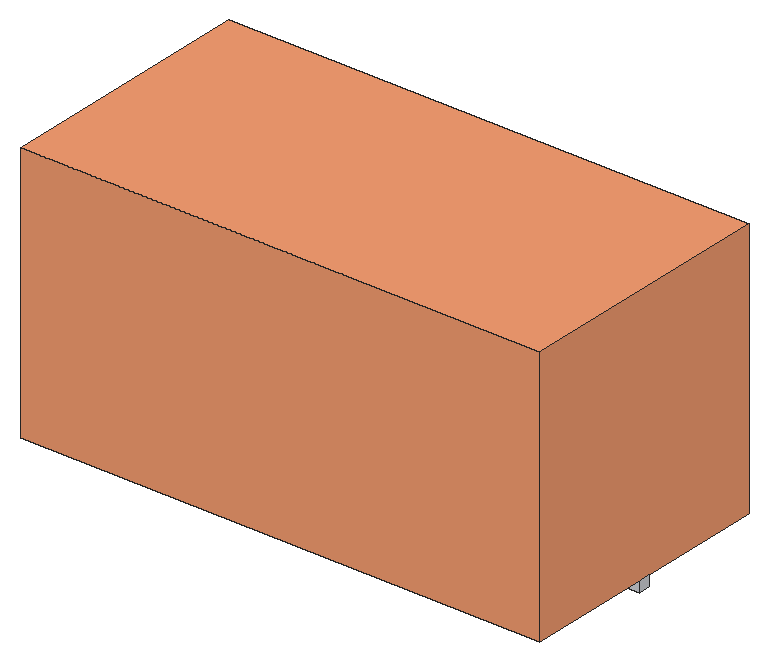
Revit family "Sample_Family_Six", category Specialty Equipment, Revit 2022
Family settings
  Round Connector Dimension = Use Diameter
  Part Type = Normal
  Work Plane-Based = No
  Always vertical = Yes
  Cut with Voids When Loaded = No
  Maintain Annotation Orientation = No
  Shared = Yes
  Room Calculation Point = No
Parameters (values of type "MMBE-056")
  WIDTH_BVN [instance] = 1200 mm
  UniqueID = "5109"
  Responsibility = "AR"
  Keynote = "MMBE-056"
  ModifiedIssue = ""
  ItemGroup = "1"
  ItemDescription = "LIFTER: patient, ceiling mounted, track, linear"
  ItemCode = "MMBE-056"
  HEIGHT_BVN = 50 mm
  Exclusion_Zone_Width = 1200 mm
  Exclusion_Zone_Radius [instance] = 250 mm
  Exclusion_Zone_Mounting_Height [instance] = CEILING_HEIGHT_BVN  # 2700 mm
  Exclusion_Zone_Material = Exclusion Zone
  Exclusion_Zone_Height [instance] = 1200 mm
  Exclusion_Zone_Depth [instance] = DEPTH_BVN  # 2400 mm
  DetailedCategory = ""
  Default Elevation = 0 mm
  DEPTH_BVN [instance] = 2400 mm
  Copyright = ""
  Casette_Visible_BVN [instance] = yes
  CEILING_HEIGHT_BVN [instance] = 2700 mm
  Author = ""
  Assembly Code = "MMBE-056"
Reference planes
  plane 1 "Center (Front/Back)": y = -350.845
  plane 2: z = 0
  plane 3 "Center (Left/Right)": x = 480
  plane 4: y = 249.155
  plane 5: y = -950.845
  plane 6: z = 2650
  plane 7: z = 2700
  plane 8: y = -325.845
  plane 9: y = -375.845
  plane 10: x = -720
  plane 11: x = 1680
Forms (mm)
  Extrusion 1, solid
    sketch origin (0, 0, 0) x (1, 0, 0) y (0, 1, 0)
      loop
        line (-720, -325.845) -> (-720, -375.845) -> (1680, -375.845) -> (1680, -325.845) -> (-720, -325.845)
    from 2650 to 2700
Lines and regions (mm)
  symbolic lines, style "CEILING MOUNTED"
    curve 1: line (1680, -325.845, 0) -> (-720, -325.845, 0)
    curve 2: line (-720, -375.845, 0) -> (1680, -375.845, 0)
    curve 4: line (-720, -325.845, 2370) -> (-720, -375.845, 2370)
    curve 5: line (1680, -325.845, 2370) -> (1680, -375.845, 2370)
  model lines, style "InvisibleLines"
    curve 3: line (480, -350.845, 0) -> (480, -350.845, 2700)
Dimensions and locks
  "CEILING_HEIGHT_BVN": plane 7 to level
  equal spacing: plane 5, plane 1 "Center (Front/Back)", plane 4
  "WIDTH_BVN": plane 5 to plane 4
  "HEIGHT_BVN": plane 7 to plane 6
  plane 9 to plane 1 "Center (Front/Back)" to plane 8 = 25 mm locked, 25 mm locked
  "DEPTH_BVN": plane 10 to plane 11
  equal spacing: plane 10, plane 3 "Center (Left/Right)", plane 11
  aligned and locked: level to plane 2
  aligned and locked: Extrusion 1 sketch curve to plane 9
  aligned and locked: plane 8 to Extrusion 1 sketch curve
  aligned and locked: plane 7 to Extrusion 1
  aligned and locked: Extrusion 1 to plane 6
  aligned and locked: plane 10 to Extrusion 1
  aligned and locked: plane 11 to Extrusion 1
  aligned and locked: curve 2 to Extrusion 1
  aligned and locked: curve 1 to Extrusion 1
  aligned and locked: curve 4 to curve 1
  aligned and locked: curve 5 to curve 1
  aligned and locked: nested 2 to plane 1 "Center (Front/Back)"
Automatic sketch dimensions
  curve 3 to level = 0 mm
  curve 3 to plane 3 "Center (Left/Right)" = 0 mm
  curve 3 to plane 7 = 0 mm
  plane 3 "Center (Left/Right)" to Extrusion 1 sketch curve = 1200 mm
  Extrusion 1 sketch curve to plane 3 "Center (Left/Right)" = 1200 mm
  curve 1 to plane 10 = 0 mm
  curve 2 to plane 10 = 0 mm
  curve 2 to plane 11 = 0 mm
  curve 1 to plane 11 = 0 mm
  plane 8 to curve 5 = 0 mm
  plane 8 to curve 4 = 0 mm
  plane 9 to curve 5 = 0 mm
  plane 9 to curve 4 = 0 mm
Nested families
  nested 1: "Sample_Family_Seven" at (872.5, 143.705, 0), type "ELGP-125"
    with CEILING_HEIGHT_BVN 2700 mm
  nested 2: "Sample_Family_Eleven" at (480, -350.845, 0) x (0, 1, 0) z (0, 0, 1), MOUNTING_HEIGHT_US_BVN <- "Exclusion_Zone_Mounting_Height", RADIUS <- "Exclusion_Zone_Radius", WIDTH <- "Exclusion_Zone_Width", HEIGHT <- "Exclusion_Zone_Height", DEPTH <- "Exclusion_Zone_Depth", Exclusion_Zone_Material <- "Exclusion_Zone_Material", type "Exclusion_Zone_Rectangular"
    with WIDTH 1200 mm, RADIUS 250 mm, MOUNTING_HEIGHT_US_BVN 2700 mm, HEIGHT 1200 mm, Exclusion_Zone_Material Exclusion Zone, DEPTH 2400 mm
Definition of nested family "Sample_Family_Seven"
  Parameters (values of type "ELGP-125")
    WIDTH_BVN = 0 mm
    UniqueID = "2524"
    URL = ""
    Type Comments = ""
    Show_Vertical_Cut_Line [instance] = yes
    Show_Symbol_BVN [instance] = no
    Responsibility = "AR"
    ModifiedIssue = ""
    Model = ""
    Manufacturer = ""
    MOUNTING_HEIGHT_US_BVN = 0 mm
    MOUNTING_HEIGHT_TOP_BVN = 0 mm
    MOUNTING_HEIGHT_CENTRE_BVN = 0 mm
    Keynote = "ELGP-125"
    ItemGroup = "1"
    ItemDescription = "GPO: emergency power, single, ceiling mounted"
    ItemCode = "ELGP-125"
    HEIGHT_BVN = 0 mm
    GPO_TYPE_BVN = Symbol_Outlet_GPO_Single_Emergency_ANN : RCP
    DetailedCategory = ""
    Default Elevation = 0 mm
    DEPTH_BVN = 0 mm
    Copyright = "BVN"  # constant formula
    Description = ""
    CEILING_HEIGHT_BVN [instance] = 2700 mm
    Author = "BVN"  # constant formula
    Assembly Code = "ELGP-125"
  Reference planes
    plane 1 "Center (Front/Back)": y = -594.551
    plane 2: z = 0
    plane 3 "HEIGHT": z = 2700
    plane 4: x = -392.5
  Forms (mm)
    Extrusion 1, solid
      sketch origin (0, 0, 2700) x (1, 0, 0) y (0, 1, 0)
        loop
          line (-340, -565.303) -> (-445, -565.303) -> (-445, -630.303) -> (-340, -630.303) -> (-340, -565.303)
        loop
          line (-393.5, -609.38) -> (-393.5, -619.38) -> (-391.5, -619.38) -> (-391.5, -609.38) -> (-393.5, -609.38)
        loop
          line (-399.897, -593.551) -> (-404.897, -602.211) -> (-403.165, -603.211) -> (-398.165, -594.551) -> (-399.897, -593.551)
        loop
          line (-385.103, -593.551) -> (-386.835, -594.551) -> (-381.835, -603.211) -> (-380.103, -602.211) -> (-385.103, -593.551)
      from 0 to -5
    Sweep 2, solid
      path origin (0, 0, 2700) x (1, 0, 0) y (0, 1, 0)
        loop
          line (-335, -560.303) -> (-450, -560.303) -> (-450, -635.303) -> (-335, -635.303) -> (-335, -560.303)
      profile origin (-335, -597.803, 2700) x (1, 0, 0) y (0, 0, 1)
        loop
          line (0, 0) -> (-5, 0) -> (-5, -5) -> (0, 0)
    Extrusion 3, solid
      sketch origin (0, 0, 2700) x (1, 0, 0) y (0, 1, 0)
        loop
          circle (-433.837, -575.98) r 5
      from -5 to -8
  Lines and regions (mm)
    symbolic lines, detail levels medium+fine
      curve 1: line (-450, -594.551, 0) -> (-450, -594.551, 3510)
    model lines
      curve 2: line (-392.5, -594.551, 2700) -> (-392.5, -594.551, 0)
  Dimensions and locks
    "CEILING_HEIGHT_BVN": plane 3 "HEIGHT" to level
    aligned and locked: Sweep 2 sketch curve to plane 3 "HEIGHT"
    aligned and locked: level to curve 2
    aligned and locked: plane 3 "HEIGHT" to curve 2
    aligned and locked: curve 2 to plane 4
  Automatic sketch dimensions
    curve 1 to plane 1 "Center (Front/Back)" = 0 mm
    curve 1 to level = 0 mm
    plane 3 "HEIGHT" to curve 1 = 810 mm
    profile plane to Sweep 2 sketch curve = 0 mm
    Sweep 2 sketch curve to profile plane = 5 mm
    Sweep 2 sketch curve to Sweep 2 sketch curve = 5 mm
    plane 1 "Center (Front/Back)" to Extrusion 1 sketch curve = 0 mm  (x2)
    Extrusion 1 sketch curve to plane 4 = 52.5 mm
    plane 1 "Center (Front/Back)" to Extrusion 1 sketch curve = 35.753 mm
    Extrusion 1 sketch curve to plane 4 = 12.397 mm
    Extrusion 1 sketch curve to Extrusion 1 sketch curve = 1.732 mm  (x2)
    Extrusion 1 sketch curve to plane 1 "Center (Front/Back)" = 1 mm  (x2)
    Extrusion 1 sketch curve to plane 4 = 7.397 mm
    Extrusion 1 sketch curve to plane 4 = 1 mm
    plane 4 to Extrusion 1 sketch curve = 1 mm
    plane 4 to Extrusion 1 sketch curve = 5.665 mm
    plane 1 "Center (Front/Back)" to Extrusion 1 sketch curve = 8.66 mm
    plane 4 to Extrusion 1 sketch curve = 52.5 mm
    Extrusion 1 sketch curve to Extrusion 1 sketch curve = 16.17 mm
    Extrusion 1 sketch curve to Extrusion 1 sketch curve = 10 mm
    Extrusion 1 sketch curve to plane 1 "Center (Front/Back)" = 29.247 mm
    Extrusion 3 sketch curve to plane 1 "Center (Front/Back)" = 18.57 mm
    Extrusion 3 sketch curve to plane 4 = 41.337 mm
    Sweep 2 sketch curve to plane 4 = 57.5 mm
    plane 1 "Center (Front/Back)" to Sweep 2 sketch curve = 40.753 mm
    plane 4 to Sweep 2 sketch curve = 57.5 mm
    Sweep 2 sketch curve to plane 1 "Center (Front/Back)" = 34.247 mm
    radius of Extrusion 3 sketch curve = 5 mm
  Nested families
    nested 1: "Symbol_Outlet_GPO_Single_Emergency_ANN" at (-392.5, -655.303, 0), visible <- "Show_Symbol_BVN", type "RCP"
    nested 2: "Label_Text_Rotation_1_5mm_ANN" at (-392.5, -508.886, 0) x (0, -1, 0) z (0, 0, 1), type "GENERIC_LABEL_TEXT_NESTED_BVN"
      with Radius_BVN 90.00°, Label_Text_BVN "E"
  Definition of nested family "Symbol_Outlet_GPO_Single_Emergency_ANN"
    Parameters (values of type "RCP")
      RCP = yes
      PLAN = not(RCP)  # no
    Reference planes
      plane 1: y = 0
      plane 2: x = 0
    Lines and regions (mm)
      detail lines, visible <- "RCP"
        curve 1: line (0, 1.4, 0) -> (0, 2, 0)
        curve 2: line (-1.4, 0, 0) -> (1.4, 0, 0)
        curve 3: arc (1.4, 0, 0) -> (0, 1.4, 0) -> (-1.4, 0, 0) r 1.4
        curve 4: line (0, 0, 0) -> (0, 1.297, 0)
        curve 5: line (0.284, 0.084, 0) -> (0.284, 1.371, 0)
        curve 6: line (0.498, 0.084, 0) -> (0.498, 1.308, 0)
        curve 7: line (0.746, 0.084, 0) -> (0.746, 1.185, 0)
        curve 8: line (1.026, 0, 0) -> (1.026, 0.953, 0)
        curve 9: line (1.245, 0, 0) -> (1.245, 0.641, 0)
        curve 10: line (-0.187, 0.084, 0) -> (-0.187, 1.387, 0)
        curve 11: line (-0.401, 0.084, 0) -> (-0.401, 1.341, 0)
        curve 12: line (-0.649, 0.084, 0) -> (-0.649, 1.24, 0)
        curve 13: line (-0.929, 0, 0) -> (-0.929, 1.047, 0)
        curve 14: line (-1.147, 0, 0) -> (-1.147, 0.6, 0)
      detail lines, visible <- "PLAN"
        curve 15: line (0, 1.4, 0) -> (0, 2, 0)
        curve 16: line (-1.4, 0, 0) -> (1.4, 0, 0)
        curve 17: arc (1.4, 0, 0) -> (0, 1.4, 0) -> (-1.4, 0, 0) r 1.4
        curve 18: line (0, 0, 0) -> (0, 1.297, 0)
        curve 19: line (0.284, 0.084, 0) -> (0.284, 1.371, 0)
        curve 20: line (0.498, 0.084, 0) -> (0.498, 1.308, 0)
        curve 21: line (0.746, 0.084, 0) -> (0.746, 1.185, 0)
        curve 22: line (1.026, 0, 0) -> (1.026, 0.953, 0)
        curve 23: line (1.245, 0, 0) -> (1.245, 0.641, 0)
        curve 24: line (-0.187, 0.084, 0) -> (-0.187, 1.387, 0)
        curve 25: line (-0.401, 0.084, 0) -> (-0.401, 1.341, 0)
        curve 26: line (-0.649, 0.084, 0) -> (-0.649, 1.24, 0)
        curve 27: line (-0.929, 0, 0) -> (-0.929, 1.047, 0)
        curve 28: line (-1.147, 0, 0) -> (-1.147, 0.6, 0)
  Definition of nested family "Label_Text_Rotation_1_5mm_ANN"
    Parameters (values of type "Label_Text_Rotation_1_5mm_ANN")
      Radius_BVN [instance] = 90.00°
      Label_Text_BVN [instance] = "ER"
    Reference planes
      plane 1: y = 0
      plane 2: x = 0
    Dimensions and locks
      "Radius_BVN": angle plane 1 to nested 1
    Nested families
      nested 1: "Label_Text_1_5mm_ANN" at (0, -1.128, 0) x (0, 1, 0) z (0, 0, 1), LABEL_TEXT <- "Label_Text_BVN", type "GENERIC_LABEL_TEXT_BVN"
        with LABEL_TEXT "ER"
    Definition of nested family "Label_Text_1_5mm_ANN"
      Parameters
        LABEL_TEXT [instance] = ""
      Reference planes
        plane 1: y = 0
        plane 2: x = 0
      Text (mm)
        label "LABEL_TEXT" at (1.128, -0.09, 0), shows "LABEL_TEXT"
Definition of nested family "Sample_Family_Eleven"
  Parameters (values of type "Exclusion_Zone_Rectangular")
    WIDTH [instance] = 500 mm
    RADIUS [instance] = 250 mm
    Modified Issue = "151013"  # constant formula
    MOUNTING_HEIGHT_US_BVN [instance] = 2700 mm
    HEIGHT [instance] = 1800 mm
    Exclusion_Zone_Rectangular = yes
    Exclusion_Zone_Material [instance] = none
    Exclusion_Zone_Circular = no
    Default Elevation = 0 mm
    DEPTH [instance] = 500 mm
    Copyright = "BVN"  # constant formula
    Author = " BP "  # constant formula
  Types (2, lengths in mm): name | Exclusion_Zone_Rectangular | Exclusion_Zone_Circular
    Exclusion_Zone_Rectangular | yes | no
    Exclusion_Zone_Circular | no | yes
  Reference planes
    plane 1 "Center (Front/Back)": y = 0
    plane 2: z = 2700
    plane 3 "Center (Left/Right)": x = 0
    plane 4 "Left": x = -250
    plane 5 "Right": x = 250
    plane 6 "Back": y = 250
    plane 7 "Front": y = -250
    plane 8 "Top": z = 4500
  Forms (mm)
    Extrusion 1, solid, material <- "Exclusion_Zone_Material", visible <- "Exclusion_Zone_Rectangular"
      sketch origin (0, 0, 0) x (1, 0, 0) y (0, 1, 0)
        loop
          line (-250, 250) -> (-250, -250) -> (250, -250) -> (250, 250) -> (-250, 250)
      from 2700 to 4500
    Extrusion 2, solid, material <- "Exclusion_Zone_Material", visible <- "Exclusion_Zone_Circular"
      sketch origin (0, 0, 0) x (1, 0, 0) y (0, 1, 0)
        loop
          circle (0, 0) r 250
      from 2700 to 4500
  Text (mm)
    text "FRONT" at (-1742.456, -756.031, 0), in view "Ref. Level"
  Dimensions and locks
    equal spacing: plane 4 "Left", plane 3 "Center (Left/Right)", plane 5 "Right"
    equal spacing: plane 6 "Back", plane 1 "Center (Front/Back)", plane 7 "Front"
    "DEPTH": plane 6 "Back" to plane 7 "Front"
    "WIDTH": plane 4 "Left" to plane 5 "Right"
    "HEIGHT": plane 8 "Top" to plane 2
    "MOUNTING_HEIGHT_US_BVN": plane 2 to level
    "RADIUS": radius of Extrusion 2 sketch curve
    aligned and locked: plane 6 "Back" to Extrusion 1
    aligned and locked: plane 5 "Right" to Extrusion 1
    aligned and locked: Extrusion 1 to plane 7 "Front"
    aligned and locked: Extrusion 1 to plane 4 "Left"
    aligned and locked: plane 8 "Top" to Extrusion 1
    aligned and locked: Extrusion 1 to plane 2
    aligned and locked: plane 8 "Top" to Extrusion 2
    aligned and locked: Extrusion 2 to plane 2
  Automatic sketch dimensions
    Extrusion 1 sketch curve to plane 4 "Left" = 0 mm
    plane 5 "Right" to Extrusion 1 sketch curve = 0 mm
    Extrusion 1 sketch curve to plane 7 "Front" = 0 mm
    plane 6 "Back" to Extrusion 1 sketch curve = 0 mm
    plane 1 "Center (Front/Back)" to Extrusion 2 sketch curve = 0 mm
    Extrusion 2 sketch curve to plane 3 "Center (Left/Right)" = 0 mm
